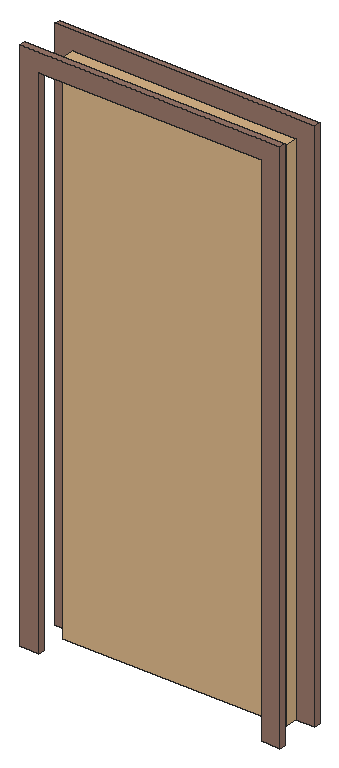
Revit family
Parameters (values of type "0915 x 2134mm")
  Thickness = 51.00 mm
  Door Material = Door - Panel
  Frame Material = Door - Frame
  Height = 2134.00 mm
  Trim Projection Ext = 25.00 mm
  Trim Projection Int = 25.00 mm
  Trim Width = 76.00 mm
  Wall Closure = (empty or 0)
  Width = 915.00 mm
Types (7, lengths in mm): name | Height | Width
  0915 x 2134mm | 2134.00 | 915.00
  0864 x 2134mm | 2134.00 | 864.00
  0813 x 2134mm | 2134.00 | 813.00
  0762 x 2134mm | 2134.00 | 762.00
  0762 x 2032mm | 2032.00 | 762.00
  0915 x 2032mm | 2032.00 | 915.00
  0864 x 2032mm | 2032.00 | 864.00
Reference planes
  plane 1: y = 0
  plane 2: z = 0
  plane 3: x = 0
  plane 4: x = -457.5
  plane 5: x = 457.5
  plane 6: z = 2134
Forms (mm)
  Extrusion 1, solid, material "Door - Panel" <- "Door Material"
    sketch origin (0, 0, 0) x (1, 0, 0) y (0, 0, 1)
      loop
        line (-457.5, 2134) -> (-457.5, 0) -> (457.5, 0) -> (457.5, 2134) -> (-457.5, 2134)
    from -76.2 to -25.2
  Extrusion 2, solid, material "Door - Frame" <- "Frame Material"
    sketch origin (-1524, -76.2, 0) x (1, 0, 0) y (0, 0, 1)
      loop
        line (990.5, 2210) -> (990.5, 0) -> (1066.5, 0) -> (1066.5, 2134) -> (1981.5, 2134) -> (1981.5, 0) -> (2057.5, 0) -> (2057.5, 2210) -> (990.5, 2210)
    from 0 to 25
  Extrusion 3, solid, material "Door - Frame" <- "Frame Material"
    sketch origin (-1524, 76.2, 0) x (-1, 0, 0) y (0, 0, 1)
      loop
        line (-2057.5, 2210) -> (-2057.5, 0) -> (-1981.5, 0) -> (-1981.5, 2134) -> (-1066.5, 2134) -> (-1066.5, 0) -> (-990.5, 0) -> (-990.5, 2210) -> (-2057.5, 2210)
    from 0 to 25
Lines and regions (mm)
  Opening 1
    outline origin (-1524, -76.2, 3657.6) x (0, 0, -1) y (1, 0, 0)
      loop
        line (1523.6, 1066.5) -> (3657.6, 1066.5) -> (3657.6, 1981.5) -> (1523.6, 1981.5) -> (1523.6, 1066.5)
  symbolic lines, style "DoorsPanelProjection"
    curve 1: line (457.5, 76.2, 0) -> (406.5, 76.2, 0)
    curve 2: line (457.5, 76.2, 0) -> (457.5, 991.472, 0)
    curve 3: line (457.5, 991.472, 0) -> (406.5, 991.472, 0)
    curve 4: line (406.5, 76.2, 0) -> (406.5, 991.472, 0)
  model lines, style "DoorsFrameMullionProjection"
    curve 5: line (-533.5, -76.2, 0) -> (-533.5, -76.2, 2210)
    curve 6: line (-533.5, -76.2, 2210) -> (533.5, -76.2, 2210)
    curve 7: line (533.5, -76.2, 2210) -> (533.5, -76.2, 0)
    curve 8: line (533.5, 76.2, 0) -> (533.5, 76.2, 2210)
    curve 9: line (-533.5, 76.2, 2210) -> (533.5, 76.2, 2210)
    curve 10: line (-533.5, 76.2, 2210) -> (-533.5, 76.2, 0)
  symbolic lines, style "Plan Swing"
    curve 11: arc (406.5, 991.472, 0) -> (-208.486, 706.11, 0) -> (-459.191, 76.2, 0) r 916.691
  symbolic lines, style "Elevation Swing"
    curve 12: line (-457.5, 0, 2134) -> (457.5, 0, 1067)
    curve 13: line (457.5, 0, 1067) -> (-457.5, 0, 0)
Dimensions and locks
  equal spacing: plane 4, plane 3, plane 5
  "Width": plane 4 to plane 5
  locked: host wall to curve 1
  control icon elem to plane 5 = 261.908 mm
  "Height": plane 6 to plane 2
  "Trim Width": plane 4 to curve 5
  "Trim Width": plane 5 to curve 7
  "Trim Width": plane 6 to curve 6
  locked: curve 9 to host wall
  "Trim Projection Ext": Extrusion 3 to host wall
  "Trim Projection Int": Extrusion 2 to host wall
  "Thickness": curve 4 to plane 5
  "Thickness": Extrusion 1 to host wall
  equal spacing: plane 6, curve 13, level
  aligned and locked: host wall to Extrusion 1
  aligned and locked: plane 2 to curve 5
  aligned and locked: curve 7 to level
  aligned and locked: curve 8 to curve 7
  aligned and locked: curve 6 to Extrusion 2 sketch curve
  aligned and locked: Extrusion 2 sketch curve to curve 5
  aligned and locked: Extrusion 2 sketch curve to curve 7
  aligned and locked: Extrusion 2 to Extrusion 3 sketch curve
  aligned and locked: Extrusion 3 sketch curve to Extrusion 2  (x2)
Automatic sketch dimensions
  Opening 1 sketch curve to plane 6 = 0.00 mm
  Opening 1 sketch curve to level = 0.00 mm
  Opening 1 sketch curve to plane 4 = 0.00 mm
  Opening 1 sketch curve to plane 5 = 0.00 mm
  Extrusion 1 sketch curve to plane 4 = 0.00 mm
  Extrusion 1 sketch curve to plane 5 = 0.00 mm
  Extrusion 1 sketch curve to level = 0.00 mm
  Extrusion 1 sketch curve to plane 6 = 0.00 mm
  Extrusion 2 sketch curve to level = 0.00 mm  (x2)
  Extrusion 2 sketch curve to plane 4 = 0.00 mm
  Extrusion 2 sketch curve to plane 5 = 0.00 mm
  Extrusion 2 sketch curve to plane 6 = 0.00 mm
  Extrusion 3 sketch curve to level = 0.00 mm  (x2)
  Extrusion 3 sketch curve to plane 5 = 0.00 mm
  Extrusion 3 sketch curve to plane 4 = 0.00 mm
  Extrusion 3 sketch curve to plane 6 = 0.00 mm
  curve 1 to plane 5 = 0.00 mm
  curve 11 to plane 5 = 0.00 mm
  plane 4 to curve 11 = 1.691 mm
  curve 11 to host wall = 0.00 mm
  curve 12 to plane 4 = 0.00 mm
  curve 12 to plane 6 = 0.00 mm
  curve 13 to plane 5 = 0.00 mm
  curve 10 to level = 0.00 mm
  curve 8 to level = 0.00 mm
  curve 13 to level = 0.00 mm
  curve 13 to plane 4 = 0.00 mm
  curve 9 to curve 5 = 0.00 mm
  curve 10 to curve 5 = 0.00 mm
